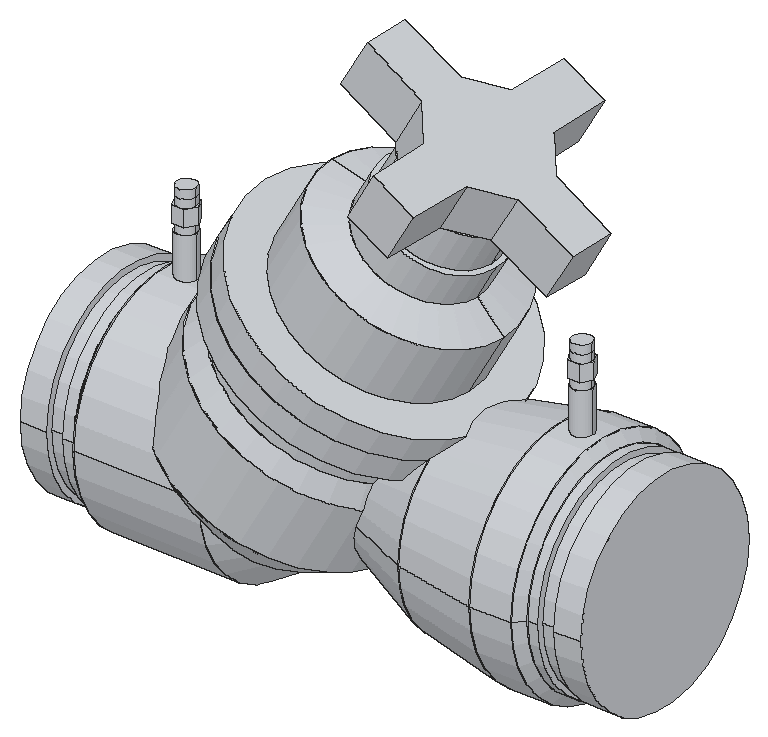
Revit family "447_d-DN250-RFA_2019", category Pipe Accessories, Revit 2019
Family settings
  Round Connector Dimension = Use Diameter
  Part Type = Valve - Breaks Into
  Work Plane-Based = No
  Always vertical = Yes
  Cut with Voids When Loaded = No
  Shared = No
Parameters (values of type "447_d-DN250")
  magiProductId = "7d63ae0d28f64990bc8ce3477101ef"
  magiProductFamilyId = "eab8c084d85f47fc9aed3208e9defb"
  magiPartTypeId = 304
  isMeasuringValve [instance] = no
  ang2D [instance] = 0.00°
  W3 = 31.658 mm
  W2D = 100 mm
  W2 = 71.601 mm
  W1 = 30.372 mm
  VersionID = "2.0/2018.4.11.4/ZETKAMA_447_GROOVED_001"
  Use Minimum Symbol Size [instance] = yes
  URL = "www.hydronix.cz"
  Type Comments = "drážkový spoj; PN16; -10~+120°C;"
  R9 = 177.45 mm
  R8 = 75.075 mm
  R7 = 81.9 mm
  R6 = 163.8 mm
  R5 = 155 mm
  R4 = 75.075 mm
  R3 = 150.15 mm
  R2 = 129.675 mm
  R13 = 15.657 mm
  R12 = 12.254 mm
  R11 = 13.615 mm
  R1 = 136.5 mm
  R = 125 mm
  QmdConnectorList = "301;D;302;D"
  Productdata [instance] = ""
  Model = ""
  Manufacturer = "Hydronix"
  Maintenance Zone Under Depth [instance] = 137 mm
  Maintenance Zone Right Depth [instance] = 730 mm
  Maintenance Zone Over Depth [instance] = 525 mm
  Maintenance Zone Left Depth [instance] = 730 mm
  Maintenance Zone Front Depth [instance] = 310 mm
  Maintenance Zone Back Depth [instance] = 310 mm
  Maintenance Zone Front Visibility [instance] = no
  MC Product Code = "447 250 d (DN250; PN16 kvs1187,5)"
  MC Piping Given Pressure Drop [instance] = 0.0 Pa
  L9 = 108.921 mm
  L8__ve = -L8  # -54.46 mm
  L8 = 54.46 mm
  L6 = 163.381 mm
  L5 = 10.429 mm
  L4__ve = -L4  # -13.905 mm
  L4 = 13.905 mm
  L3__ve = -L3  # -20.857 mm
  L3 = 20.857 mm
  L2__ve = -L2  # -34.762 mm
  L2D_Min = 3048 mm
  L2D = 350 mm
  L2 = 34.762 mm
  L13 = 27.23 mm
  L12 = 30.372 mm
  L11 = 31.658 mm
  L10 = 71.601 mm
  L1 = 365 mm
  KZ = 60.833 mm
  KL = 105.366 mm
  H9 = 13.779 mm
  H8 = 89.566 mm
  H7 = 34.449 mm
  H6 = 41.338 mm
  H5 = 27.559 mm
  H4 = 103.346 mm
  H17 = 21 mm
  H16 = 10.5 mm
  H15 = 202.65 mm
  H14 = 68.897 mm
  H13 = 51.673 mm
  H11 = 55.118 mm
  H10 = 48.228 mm
  Description = "Ruční vyvažovací ventil s drážkovým spojem"
  D = 250 mm
  CenSd_R13_6 = R13 * cos(30.00°)  # 13.56 mm
  Clearance Zone Height Depth [instance] = 525 mm
  Clearance Zone Circular Radius [instance] = 365 mm
  Clearance Zone Visibility [instance] = no
Types (10, lengths in mm): name | magiProductId | W3 | W2 | W1 | R9 | R8 | R7 | R6 | R5 | R4 | R3 | R2 | R13 | R12 | R11 | R1 | R | Maintenance Zone Under Depth | Maintenance Zone Right Depth | Maintenance Zone Over Depth | Maintenance Zone Left Depth | Maintenance Zone Front Depth | Maintenance Zone Back Depth | MC Product Code | L9 | L8__ve | L8 | L6 | L5 | L4__ve | L4 | L3__ve | L3 | L2__ve | L2 | L13 | L12 | L11 | L10 | L1 | KZ | KL | H9 | H8 | H7 | H6 | H5 | H4 | H17 | H16 | H15 | H14 | H13 | H11 | H10 | D | CenSd_R13_6 | Clearance Zone Height Depth | Clearance Zone Circular Radius
  447_d-DN100 | "e5a6bfdd9ca54003a0551f5d760c3c" | 14.437 | 30.026 | 12.736 | 74.1 | 31.35 | 34.2 | 68.4 | 65 | 31.35 | 62.7 | 54.15 | 7.507 | 5.875 | 6.528 | 57 | 50 | 57 | 350 | 240 | 350 | 130 | 130 | "447 100 d (DN100; PN16 kvs180,5)" | 52.222 | -26.111 | 26.111 | 78.333 | 5 | -6.667 | 6.667 | -10 | 10 | -16.667 | 16.667 | 13.056 | 12.736 | 14.437 | 30.026 | 175 | 29.167 | 50.518 | 6.389 | 41.531 | 15.973 | 19.168 | 12.779 | 47.92 | 9.6 | 4.8 | 86.7 | 31.947 | 23.96 | 25.557 | 22.363 | 100 | 6.501 | 240 | 175
  447_d-DN125 | "5795ec580370482d8c46e49d975863" | 14.437 | 30.026 | 12.736 | 91.65 | 38.775 | 42.3 | 84.6 | 65 | 38.775 | 77.55 | 66.975 | 8.579 | 6.714 | 7.46 | 70.5 | 62.5 | 71 | 400 | 260 | 400 | 130 | 130 | "447 125 d (DN125; PN16 kvs280,0)" | 59.683 | -29.841 | 29.841 | 89.524 | 5.714 | -7.619 | 7.619 | -11.429 | 11.429 | -19.048 | 19.048 | 14.921 | 12.736 | 14.437 | 30.026 | 200 | 33.333 | 57.735 | 7.005 | 45.534 | 17.513 | 21.016 | 14.01 | 52.539 | 10.4 | 5.2 | 103.55 | 35.026 | 26.269 | 28.021 | 24.518 | 125 | 7.43 | 260 | 200
  447_d-DN150 | "9b6b5ad10a674c51b522359e7e2d39" | 14.437 | 30.026 | 12.736 | 109.2 | 46.2 | 50.4 | 100.8 | 65 | 46.2 | 92.4 | 79.8 | 10.295 | 8.057 | 8.952 | 84 | 75 | 84 | 480 | 285 | 480 | 130 | 130 | "447 150 d (DN150; PN16 kvs383,4)" | 71.619 | -35.81 | 35.81 | 107.429 | 6.857 | -9.143 | 9.143 | -13.714 | 13.714 | -22.857 | 22.857 | 17.905 | 12.736 | 14.437 | 30.026 | 240 | 40 | 69.282 | 7.775 | 50.537 | 19.437 | 23.325 | 15.55 | 58.312 | 11.4 | 5.7 | 120.9 | 38.875 | 29.156 | 31.1 | 27.212 | 150 | 8.916 | 285 | 240
  447_d-DN200 | "f5a67fe5c2444fc986ed7f87b9a4ed" | 31.658 | 71.601 | 30.372 | 142.35 | 60.225 | 65.7 | 131.4 | 155 | 60.225 | 120.45 | 104.025 | 12.869 | 10.071 | 11.19 | 109.5 | 100 | 110 | 600 | 480 | 600 | 310 | 310 | "447 200 d (DN200; PN16 kvs710,0)" | 89.524 | -44.762 | 44.762 | 134.286 | 8.571 | -11.429 | 11.429 | -17.143 | 17.143 | -28.571 | 28.571 | 22.381 | 30.372 | 31.658 | 71.601 | 300 | 50 | 86.603 | 12.394 | 80.56 | 30.984 | 37.181 | 24.788 | 92.953 | 19.2 | 9.6 | 168.45 | 61.969 | 46.477 | 49.575 | 43.378 | 200 | 11.145 | 480 | 300
  447_d-DN250 | "7d63ae0d28f64990bc8ce3477101ef" | 31.658 | 71.601 | 30.372 | 177.45 | 75.075 | 81.9 | 163.8 | 155 | 75.075 | 150.15 | 129.675 | 15.657 | 12.254 | 13.615 | 136.5 | 125 | 137 | 730 | 525 | 730 | 310 | 310 | "447 250 d (DN250; PN16 kvs1187,5)" | 108.921 | -54.46 | 54.46 | 163.381 | 10.429 | -13.905 | 13.905 | -20.857 | 20.857 | -34.762 | 34.762 | 27.23 | 30.372 | 31.658 | 71.601 | 365 | 60.833 | 105.366 | 13.779 | 89.566 | 34.449 | 41.338 | 27.559 | 103.346 | 21 | 10.5 | 202.65 | 68.897 | 51.673 | 55.118 | 48.228 | 250 | 13.56 | 525 | 365
  447_d-DN300 | "0a2a34dba99a430aa7daf784d6b0c1" | 31.658 | 71.601 | 30.372 | 210.6 | 89.1 | 97.2 | 194.4 | 155 | 89.1 | 178.2 | 153.9 | 18.231 | 14.268 | 15.853 | 162 | 150 | 162 | 850 | 535 | 850 | 310 | 310 | "447 300 d (DN300; PN16 kvs1504,1)" | 126.825 | -63.413 | 63.413 | 190.238 | 12.143 | -16.19 | 16.19 | -24.286 | 24.286 | -40.476 | 40.476 | 31.706 | 30.372 | 31.658 | 71.601 | 425 | 70.833 | 122.687 | 14.087 | 91.568 | 35.218 | 42.262 | 28.175 | 105.655 | 21.4 | 10.7 | 231.7 | 70.437 | 52.828 | 56.349 | 49.306 | 300 | 15.789 | 535 | 425
  447_d-DN040 | "6dc4a6b5eb924103b02307904d600f" | 9.08 | 17.092 | 7.25 | 31.2 | 13.2 | 14.4 | 28.8 | 37 | 13.2 | 26.4 | 22.8 | 4.29 | 3.357 | 3.73 | 24 | 20 | 24 | 200 | 130 | 200 | 74 | 74 | "447 040 d (DN40; PN16 kvs22,36)" | 29.841 | -14.921 | 14.921 | 44.762 | 2.857 | -3.81 | 3.81 | -5.714 | 5.714 | -9.524 | 9.524 | 7.46 | 7.25 | 9.08 | 17.092 | 100 | 16.667 | 28.868 | 3.433 | 22.317 | 8.583 | 10.3 | 6.867 | 25.75 | 5.2 | 2.6 | 39.4 | 17.167 | 12.875 | 13.733 | 12.017 | 40 | 3.715 | 130 | 100
  447_d-DN050 | "b59a3d0ad4654cda90cee0c397c848" | 9.08 | 17.092 | 7.25 | 39 | 16.5 | 18 | 36 | 37 | 16.5 | 33 | 28.5 | 4.933 | 3.861 | 4.29 | 30 | 25 | 30 | 230 | 130 | 230 | 130 | 130 | "447 050 d (DN50; PN16 kvs32,15)" | 34.317 | -17.159 | 17.159 | 51.476 | 3.286 | -4.381 | 4.381 | -6.571 | 6.571 | -10.952 | 10.952 | 8.579 | 7.25 | 9.08 | 17.092 | 115 | 19.167 | 33.198 | 3.433 | 22.317 | 8.583 | 10.3 | 6.867 | 25.75 | 5.2 | 2.6 | 46 | 17.167 | 12.875 | 13.733 | 12.017 | 50 | 4.272 | 130 | 115
  447_d-DN065 | "356db372cd37496c9ff0d3ad255dc6" | 14.437 | 30.026 | 12.736 | 49.4 | 20.9 | 22.8 | 45.6 | 65 | 20.9 | 41.8 | 36.1 | 6.22 | 4.868 | 5.409 | 38 | 32.5 | 38 | 290 | 220 | 290 | 130 | 130 | "447 065 d (DN65; PN16 kvs83,3)" | 43.27 | -21.635 | 21.635 | 64.905 | 4.143 | -5.524 | 5.524 | -8.286 | 8.286 | -13.81 | 13.81 | 10.817 | 12.736 | 14.437 | 30.026 | 145 | 24.167 | 41.858 | 5.774 | 37.528 | 14.434 | 17.321 | 11.547 | 43.301 | 8.8 | 4.4 | 63.8 | 28.868 | 21.651 | 23.094 | 20.207 | 65 | 5.387 | 220 | 145
  447_d-DN080 | "f43aa02b4841429783243073d22ea7" | 14.437 | 30.026 | 12.736 | 57.85 | 24.475 | 26.7 | 53.4 | 65 | 24.475 | 48.95 | 42.275 | 6.649 | 5.204 | 5.782 | 44.5 | 40 | 45 | 310 | 220 | 310 | 130 | 130 | "447 080 d (DN80; PN16 kvs104,3)" | 46.254 | -23.127 | 23.127 | 69.381 | 4.429 | -5.905 | 5.905 | -8.857 | 8.857 | -14.762 | 14.762 | 11.563 | 12.736 | 14.437 | 30.026 | 155 | 25.833 | 44.745 | 5.774 | 37.528 | 14.434 | 17.321 | 11.547 | 43.301 | 8.8 | 4.4 | 70.95 | 28.868 | 21.651 | 23.094 | 20.207 | 80 | 5.758 | 220 | 155
Reference planes
  plane 1 "Center (Front/Back)": y = 0
  plane 2 "XYPLANE": z = 0
  plane 3 "Center (Left/Right)": x = 0
  plane 4 "159": y = 310
  plane 5 "158": y = -310
  plane 6 "157": z = -137
  plane 7 "156": z = 525
  plane 8 "155": x = -730
  plane 9 "154": x = 730
  plane 10 "132": z = 244.65
  plane 11 "125": z = 234.15
  plane 12 "120": z = 213.15
  plane 13 "119": z = 202.65
  plane 14 "112": x = 257.817
  plane 15 "111": x = -257.817
  plane 16 "109": y = -31.658
  plane 17 "108": y = 31.658
  plane 18 "105": through (310.053, 0, 687.016) normal (0.866, 0, -0.5)
  plane 19 "104": through (257.447, 0, 717.388) normal (0.866, 0, -0.5)
  plane 20 "103": y = -71.601
  plane 21 "102": y = -30.372
  plane 22 "101": y = 71.601
  plane 23 "100": y = 30.372
  plane 24 "99": through (256.333, 0, 718.031) normal (0.866, 0, -0.5)
  plane 25 "98": through (221.742, 0, 738.003) normal (0.866, 0, -0.5)
  plane 26 "97": through (311.167, 0, 686.373) normal (0.866, 0, -0.5)
  plane 27 "96": through (345.758, 0, 666.402) normal (0.866, 0, -0.5)
  plane 28 "95": y = -155
  plane 29 "94": y = 155
  plane 30 "93": through (417.984, 0, 624.702) normal (0.866, 0, -0.5)
  plane 31 "92": through (149.516, 0, 779.702) normal (0.866, 0, -0.5)
  plane 32 "88": x = 121.667
  plane 33 "87": x = 230.587
  plane 34 "81": through (-456.02, 0, 710.15) normal (0.5, 0, 0.866)
  plane 35 "80": through (-483.579, 0, 662.417) normal (0.5, 0, 0.866)
  plane 36 "75": through (-507.693, 0, 620.65) normal (0.5, 0, 0.866)
  plane 37 "72": through (-514.583, 0, 608.717) normal (0.5, 0, 0.866)
  plane 38 "68": through (-559.366, 0, 531.15) normal (0.5, 0, 0.866)
  plane 39 "67": through (-576.59, 0, 501.317) normal (0.5, 0, 0.866)
  plane 40 "62": through (-705.772, 0, 277.567) normal (0.5, 0, 0.866)
  plane 41 "61": through (-593.814, 0, 471.483) normal (0.5, 0, 0.866)
  plane 42 "58": through (-614.483, 0, 435.683) normal (0.5, 0, 0.866)
  plane 43 "56": through (-628.263, 0, 411.817) normal (0.5, 0, 0.866)
  plane 44 "51": y = 0
  plane 45 "49": through (283.75, 0, 702.202) normal (0.866, 0, -0.5)
  plane 46 "48": through (-679.936, 0, 322.317) normal (0.5, 0, 0.866)
  plane 47 "30": x = 285.048
  plane 48 "29": x = 295.476
  plane 49 "28": x = 309.381
  plane 50 "27": x = 330.238
  plane 51 "14": x = -121.667
  plane 52 "13": x = -285.048
  plane 53 "12": x = -295.476
  plane 54 "11": x = -309.381
  plane 55 "10": x = -330.238
  plane 56 "8": x = -365
  plane 57 "7": x = 365
  plane 58 "6": y = 0
  plane 59 "5": x = 0
  plane 60 "4": z = 0
  plane 61 "45XY": through (-649.519, 0, 375) normal (0.5, 0, 0.866)
  plane 62 "45XZ": y = 0
  plane 63 "45YZ": through (375, 0, 649.519) normal (0.866, 0, -0.5)
Forms (mm)
  Blend 1, solid, visible <- "Maintenance Zone Front Visibility"
    base sketch origin (-750, 0, -137) x (1, 0, 0) y (0, 1, 0)
      loop
        line (20, 310) -> (20, -310) -> (1480, -310) -> (1480, 310) -> (20, 310)
    top sketch origin (-750, 0, -137) x (1, 0, 0) y (0, 1, 0)
      loop
        line (20, 310) -> (20, -310) -> (1480, -310) -> (1480, 310) -> (20, 310)
    from 0 to 662
  Extrusion 2, solid, visible <- "Clearance Zone Visibility"
    sketch origin (-750, 0, 0) x (1, 0, 0) y (0, 1, 0)
      loop
        circle (750, 0) r 365
    from 0 to 525 <- "Clearance Zone Height Depth"
  Extrusion 3, solid
    sketch origin (-750, 0, 244.65) x (1, 0, 0) y (0, 1, 0)
      loop
        circle (1007.817, 0) r 12.254
    from 0 to 10.5 <- "H16"
  Extrusion 4, solid
    sketch origin (-750, 0, 234.15) x (1, 0, 0) y (0, 1, 0)
      loop
        circle (1007.817, 0) r 12.254
    from 0 to 10.5 <- "H16"
  Extrusion 5, solid
    sketch origin (-750, 0, 244.65) x (1, 0, 0) y (0, 1, 0)
      loop
        circle (492.183, 0) r 12.254
    from 0 to 10.5 <- "H16"
  Extrusion 6, solid
    sketch origin (-750, 0, 234.15) x (1, 0, 0) y (0, 1, 0)
      loop
        circle (492.183, 0) r 12.254
    from 0 to 10.5 <- "H16"
  Extrusion 7, solid
    sketch origin (-750, 0, 213.15) x (1, 0, 0) y (0, 1, 0)
      loop
        line (1023.475, 0) -> (1015.646, 13.56) -> (999.989, 13.56) -> (992.16, 0) -> (999.989, -13.56) -> (1015.646, -13.56) -> (1023.475, 0)
    from 0 to 21 <- "H17"
  Extrusion 8, solid
    sketch origin (-750, 0, 213.15) x (1, 0, 0) y (0, 1, 0)
      loop
        line (507.84, 0) -> (500.011, 13.56) -> (484.354, 13.56) -> (476.525, 0) -> (484.354, -13.56) -> (500.011, -13.56) -> (507.84, 0)
    from 0 to 21 <- "H17"
  Extrusion 9, solid
    sketch origin (-750, 0, 202.65) x (1, 0, 0) y (0, 1, 0)
      loop
        circle (1007.817, 0) r 12.254
    from 0 to 10.5 <- "H16"
  Extrusion 10, solid
    sketch origin (-750, 0, 202.65) x (1, 0, 0) y (0, 1, 0)
      loop
        circle (492.183, 0) r 12.254
    from 0 to 10.5 <- "H16"
  Extrusion 11, solid
    sketch origin (-750, 0, 0) x (1, 0, 0) y (0, 1, 0)
      loop
        circle (1007.817, 0) r 13.615
    from 0 to 202.65 <- "H15"
  Extrusion 12, solid
    sketch origin (-750, 0, 0) x (1, 0, 0) y (0, 1, 0)
      loop
        circle (492.183, 0) r 13.615
    from 0 to 202.65 <- "H15"
  Extrusion 13, solid
    sketch origin (-456.02, 0, 710.15) x (0.866025, 0, -0.5) y (0, 1, 0)
      loop
        line (489.634, 30.372) -> (489.634, -30.372) -> (573.033, -31.658) -> (612.976, -71.601) -> (614.262, -155) -> (675.005, -155) -> (676.292, -71.601) -> (716.234, -31.658) -> (799.634, -30.372) -> (799.634, 30.372) -> (716.234, 31.658) -> (676.292, 71.601) -> (675.005, 155) -> (614.262, 155) -> (612.976, 71.601) -> (573.033, 31.658) -> (489.634, 30.372)
    from 0 to 68.897 <- "H14"
  Blend 14, solid
    base sketch origin (230.587, -750, 0) x (0, 1, 0) y (0, 0, 1)
      loop
        circle (750, 0) r 150.15
    top sketch origin (230.587, -750, 0) x (0, 1, 0) y (0, 0, 1)
      loop
        circle (750, 0) r 129.675
    from 0 to -108.921
  Extrusion 15, solid
    sketch origin (-576.59, 0, 501.317) x (0.866025, 0, -0.5) y (0, 1, 0)
      loop
        circle (644.634, 0) r 177.45
    from 0 to 34.449 <- "H7"
  Extrusion 16, solid
    sketch origin (-593.814, 0, 471.483) x (0.866025, 0, -0.5) y (0, 1, 0)
      loop
        circle (644.634, 0) r 177.45
    from 0 to 34.449 <- "H7"
  Extrusion 17, solid
    sketch origin (-483.579, 0, 662.417) x (0.866025, 0, -0.5) y (0, 1, 0)
      loop
        circle (644.634, 0) r 75.075
    from 0 to 55.118 <- "H11"
  Blend 18, solid
    base sketch origin (-514.583, 0, 608.717) x (0.866025, 0, -0.5) y (0, 1, 0)
      loop
        circle (644.634, 0) r 129.675
    top sketch origin (-514.583, 0, 608.717) x (0.866025, 0, -0.5) y (0, 1, 0)
      loop
        circle (644.634, 0) r 81.9
    from 0 to 13.779
  Extrusion 19, solid
    sketch origin (-559.366, 0, 531.15) x (0.866025, 0, -0.5) y (0, 1, 0)
      loop
        circle (644.634, 0) r 129.675
    from 0 to 89.566 <- "H8"
  Extrusion 20, solid
    sketch origin (-507.693, 0, 620.65) x (0.866025, 0, -0.5) y (0, 1, 0)
      loop
        circle (644.634, 0) r 81.9
    from 0 to 48.228 <- "H10"
  Blend 21, solid
    base sketch origin (-679.936, 0, 322.317) x (0.866025, 0, -0.5) y (0, 1, 0)
      loop
        circle (644.634, 0) r 163.8
    top sketch origin (-679.936, 0, 322.317) x (0.866025, 0, -0.5) y (0, 1, 0)
      loop
        circle (644.634, 0) r 125
    from 0 to -51.673
  Extrusion 22, solid
    sketch origin (-614.483, 0, 435.683) x (0.866025, 0, -0.5) y (0, 1, 0)
      loop
        circle (644.634, 0) r 150.15
    from 0 to 41.338 <- "H6"
  Blend 23, solid
    base sketch origin (-628.263, 0, 411.817) x (0.866025, 0, -0.5) y (0, 1, 0)
      loop
        circle (644.634, 0) r 163.8
    top sketch origin (-628.263, 0, 411.817) x (0.866025, 0, -0.5) y (0, 1, 0)
      loop
        circle (644.634, 0) r 150.15
    from 0 to 27.559
  Extrusion 24, solid
    sketch origin (-679.936, 0, 322.317) x (0.866025, 0, -0.5) y (0, 1, 0)
      loop
        circle (644.634, 0) r 163.8
    from 0 to 103.346 <- "H4"
  Extrusion 25, solid
    sketch origin (365, -750, 0) x (0, 1, 0) y (0, 0, 1)
      loop
        circle (750, 0) r 136.5
    from 0 to -34.762 <- "L2__ve"
  Extrusion 26, solid
    sketch origin (330.238, -750, 0) x (0, 1, 0) y (0, 0, 1)
      loop
        circle (750, 0) r 129.675
    from 0 to -20.857 <- "L3__ve"
  Extrusion 27, solid
    sketch origin (309.381, -750, 0) x (0, 1, 0) y (0, 0, 1)
      loop
        circle (750, 0) r 136.5
    from 0 to -13.905 <- "L4__ve"
  Blend 28, solid
    base sketch origin (295.476, -750, 0) x (0, 1, 0) y (0, 0, 1)
      loop
        circle (750, 0) r 136.5
    top sketch origin (295.476, -750, 0) x (0, 1, 0) y (0, 0, 1)
      loop
        circle (750, 0) r 150.15
    from 0 to -10.429
  Extrusion 29, solid
    sketch origin (285.048, -750, 0) x (0, 1, 0) y (0, 0, 1)
      loop
        circle (750, 0) r 150.15
    from 0 to -54.46 <- "L8__ve"
  Blend 30, solid
    base sketch origin (121.667, -750, 0) x (0, 1, 0) y (0, 0, 1)
      loop
        circle (750, 0) r 129.675
    top sketch origin (121.667, -750, 0) x (0, 1, 0) y (0, 0, 1)
      loop
        circle (750, 0) r 75.075
    from 0 to -121.667
  Blend 31, solid
    base sketch origin (-121.667, -750, 0) x (0, 1, 0) y (0, 0, 1)
      loop
        circle (750, 0) r 150.15
    top sketch origin (-121.667, -750, 0) x (0, 1, 0) y (0, 0, 1)
      loop
        circle (750, 0) r 75.075
    from 0 to 121.667
  Extrusion 32, solid
    sketch origin (-285.048, -750, 0) x (0, 1, 0) y (0, 0, 1)
      loop
        circle (750, 0) r 150.15
    from 0 to 163.381 <- "L6"
  Blend 33, solid
    base sketch origin (-295.476, -750, 0) x (0, 1, 0) y (0, 0, 1)
      loop
        circle (750, 0) r 136.5
    top sketch origin (-295.476, -750, 0) x (0, 1, 0) y (0, 0, 1)
      loop
        circle (750, 0) r 150.15
    from 0 to 10.429
  Extrusion 34, solid
    sketch origin (-309.381, -750, 0) x (0, 1, 0) y (0, 0, 1)
      loop
        circle (750, 0) r 136.5
    from 0 to 13.905 <- "L4"
  Extrusion 35, solid
    sketch origin (-330.238, -750, 0) x (0, 1, 0) y (0, 0, 1)
      loop
        circle (750, 0) r 129.675
    from 0 to 20.857 <- "L3"
  Extrusion 36, solid
    sketch origin (-365, -750, 0) x (0, 1, 0) y (0, 0, 1)
      loop
        circle (750, 0) r 136.5
    from 0 to 34.762 <- "L2"
  Extrusion 37, solid, not visible
    sketch origin (-365, -750, 0) x (0, 1, 0) y (0, 0, 1)
      loop
        circle (750, 0) r 27.635
    from 0 to 10
  Extrusion 38, solid, not visible
    sketch origin (365, -750, 0) x (0, 1, 0) y (0, 0, 1)
      loop
        circle (750, 0) r 27.635
    from 0 to -10
Lines and regions (mm)
  reference lines, not visible
    curve 1: circle (2, 2, 0) r 1 normal (0, 0, 1)
  reference lines
    curve 2: line (257.817, 0, 213.15) -> (255.941, 3.251, 213.15)
    curve 3: line (257.817, 0, 213.15) -> (254.064, 0, 213.15)
    curve 4: line (257.817, 0, 213.15) -> (255.941, -3.251, 213.15)
    curve 5: line (-257.817, 0, 213.15) -> (-259.694, 3.251, 213.15)
    curve 6: line (-257.817, 0, 213.15) -> (-261.571, 0, 213.15)
    curve 7: line (-257.817, 0, 213.15) -> (-259.694, -3.251, 213.15)
Dimensions and locks
  plane 1 "Center (Front/Back)" to curve 1 = 2 mm
  "Maintenance Zone Back Depth": plane 1 "Center (Front/Back)" to plane 4 "159"
  "Maintenance Zone Front Depth": plane 1 "Center (Front/Back)" to plane 5 "158"
  "Maintenance Zone Under Depth": plane 2 "XYPLANE" to plane 6 "157"
  "Maintenance Zone Over Depth": plane 2 "XYPLANE" to plane 7 "156"
  "Maintenance Zone Left Depth": plane 3 "Center (Left/Right)" to plane 8 "155"
  "Maintenance Zone Right Depth": plane 3 "Center (Left/Right)" to plane 9 "154"
  "H16": plane 11 "125" to plane 10 "132"
  "H17": plane 12 "120" to plane 11 "125"
  "H16": plane 13 "119" to plane 12 "120"
  "H15": plane 2 "XYPLANE" to plane 13 "119"
  "L13": plane 47 "30" to plane 14 "112"
  "L13": plane 52 "13" to plane 15 "111"
  "W3": plane 44 "51" to plane 16 "109"
  "W3": plane 44 "51" to plane 17 "108"
  "L12": plane 45 "49" to plane 18 "105"
  "L12": plane 45 "49" to plane 19 "104"
  "W2": plane 58 "6" to plane 20 "103"
  "W1": plane 58 "6" to plane 21 "102"
  "W2": plane 58 "6" to plane 22 "101"
  "W1": plane 58 "6" to plane 23 "100"
  "L11": plane 45 "49" to plane 24 "99"
  "L10": plane 45 "49" to plane 25 "98"
  "L11": plane 45 "49" to plane 26 "97"
  "L10": plane 45 "49" to plane 27 "96"
  "R5": plane 58 "6" to plane 28 "95"
  "R5": plane 58 "6" to plane 29 "94"
  "R5": plane 45 "49" to plane 30 "93"
  "R5": plane 45 "49" to plane 31 "92"
  "L9": plane 33 "87" to plane 32 "88"
  "L8": plane 47 "30" to plane 33 "87"
  "H11": plane 35 "80" to plane 34 "81"
  "H10": plane 36 "75" to plane 35 "80"
  "H9": plane 37 "72" to plane 36 "75"
  "H8": plane 38 "68" to plane 37 "72"
  "H7": plane 39 "67" to plane 38 "68"
  "H7": plane 41 "61" to plane 39 "67"
  "H13": plane 46 "48" to plane 40 "62"
  "H6": plane 42 "58" to plane 41 "61"
  "H5": plane 43 "56" to plane 42 "58"
  "H4": plane 46 "48" to plane 43 "56"
  locked: plane 58 "6" to plane 44 "51"
  "KL": plane 63 "45YZ" to plane 45 "49"
  "KZ": plane 61 "45XY" to plane 46 "48"
  "L5": plane 48 "29" to plane 47 "30"
  "L4": plane 49 "28" to plane 48 "29"
  "L3": plane 50 "27" to plane 49 "28"
  "L2": plane 57 "7" to plane 50 "27"
  "L6": plane 52 "13" to plane 51 "14"
  "L5": plane 53 "12" to plane 52 "13"
  "L4": plane 54 "11" to plane 53 "12"
  "L3": plane 55 "10" to plane 54 "11"
  "L2": plane 56 "8" to plane 55 "10"
  "L1": plane 3 "Center (Left/Right)" to plane 56 "8"
  "L1": plane 3 "Center (Left/Right)" to plane 57 "7"
  locked: plane 1 "Center (Front/Back)" to plane 58 "6"
  locked: plane 3 "Center (Left/Right)" to plane 59 "5"
  locked: plane 2 "XYPLANE" to plane 60 "4"
  Blend 1 sketch curve to Blend 1 sketch curve = 0 mm  (x16)
  "CenSd_R13_6": curve 2 to Extrusion 7 sketch curve  (x2)
  "CenSd_R13_6": curve 3 to Extrusion 7 sketch curve  (x2)
  "CenSd_R13_6": curve 4 to Extrusion 7 sketch curve  (x2)
  Extrusion 7 sketch curve to Extrusion 7 sketch curve = 0 mm  (x12)
  "CenSd_R13_6": curve 5 to Extrusion 8 sketch curve  (x2)
  "CenSd_R13_6": curve 6 to Extrusion 8 sketch curve  (x2)
  "CenSd_R13_6": curve 7 to Extrusion 8 sketch curve  (x2)
  Extrusion 8 sketch curve to Extrusion 8 sketch curve = 0 mm  (x12)
  Extrusion 13 sketch curve to Extrusion 13 sketch curve = 0 mm  (x32)
  "Clearance Zone Circular Radius": radius of Extrusion 2 sketch curve
  "R12": radius of Extrusion 3 sketch curve
  "R12": radius of Extrusion 4 sketch curve
  "R12": radius of Extrusion 5 sketch curve
  "R12": radius of Extrusion 6 sketch curve
  "R12": radius of Extrusion 9 sketch curve
  "R12": radius of Extrusion 10 sketch curve
  "R11": radius of Extrusion 11 sketch curve
  "R11": radius of Extrusion 12 sketch curve
  "R2": radius of Blend 14 sketch curve
  "R3": radius of Blend 14 sketch curve
  "R9": radius of Extrusion 15 sketch curve
  "R9": radius of Extrusion 16 sketch curve
  "R8": radius of Extrusion 17 sketch curve
  "R7": radius of Blend 18 sketch curve
  "R2": radius of Blend 18 sketch curve
  "R2": radius of Extrusion 19 sketch curve
  "R7": radius of Extrusion 20 sketch curve
  "R": radius of Blend 21 sketch curve
  "R6": radius of Blend 21 sketch curve
  "R3": radius of Extrusion 22 sketch curve
  "R3": radius of Blend 23 sketch curve
  "R6": radius of Blend 23 sketch curve
  "R6": radius of Extrusion 24 sketch curve
  "R1": radius of Extrusion 25 sketch curve
  "R2": radius of Extrusion 26 sketch curve
  "R1": radius of Extrusion 27 sketch curve
  "R3": radius of Blend 28 sketch curve
  "R1": radius of Blend 28 sketch curve
  "R3": radius of Extrusion 29 sketch curve
  "R4": radius of Blend 30 sketch curve
  "R2": radius of Blend 30 sketch curve
  "R4": radius of Blend 31 sketch curve
  "R3": radius of Blend 31 sketch curve
  "R3": radius of Extrusion 32 sketch curve
  "R3": radius of Blend 33 sketch curve
  "R1": radius of Blend 33 sketch curve
  "R1": radius of Extrusion 34 sketch curve
  "R2": radius of Extrusion 35 sketch curve
  "R1": radius of Extrusion 36 sketch curve
  locked: curve 3 to curve 2 (angle 60.00°)
  locked: curve 4 to curve 3 (angle 60.00°)
  locked: curve 4 to curve 2 (angle 120.00°)
  locked: curve 6 to curve 5 (angle 60.00°)
  locked: curve 7 to curve 6 (angle 60.00°)
  locked: curve 7 to curve 5 (angle 120.00°)
  aligned and locked: level to plane 2 "XYPLANE"
  aligned and locked: Blend 1 sketch curve to plane 8 "155"  (x2)
  aligned and locked: plane 4 "159" to Blend 1 sketch curve  (x4)
  aligned and locked: plane 5 "158" to Blend 1 sketch curve  (x4)
  aligned and locked: plane 8 "155" to Blend 1 sketch curve  (x2)
  aligned and locked: plane 9 "154" to Blend 1 sketch curve  (x4)
  aligned and locked: plane 7 "156" to Blend 1
  aligned and locked: plane 58 "6" to Extrusion 2 sketch curve
  aligned and locked: plane 59 "5" to Extrusion 2 sketch curve
  aligned and locked: plane 14 "112" to Extrusion 3 sketch curve
  aligned and locked: plane 58 "6" to Extrusion 3 sketch curve
  aligned and locked: plane 14 "112" to Extrusion 4 sketch curve
  aligned and locked: plane 58 "6" to Extrusion 4 sketch curve
  aligned and locked: plane 15 "111" to Extrusion 5 sketch curve
  aligned and locked: plane 58 "6" to Extrusion 5 sketch curve
  aligned and locked: plane 15 "111" to Extrusion 6 sketch curve
  aligned and locked: plane 58 "6" to Extrusion 6 sketch curve
  aligned and locked: plane 14 "112" to curve 4
  aligned and locked: plane 58 "6" to curve 4
  aligned and locked: plane 15 "111" to curve 6
  aligned and locked: plane 58 "6" to curve 6
  aligned and locked: plane 14 "112" to Extrusion 9 sketch curve
  aligned and locked: plane 58 "6" to Extrusion 9 sketch curve
  aligned and locked: plane 15 "111" to Extrusion 10 sketch curve
  aligned and locked: plane 58 "6" to Extrusion 10 sketch curve
  aligned and locked: plane 14 "112" to Extrusion 11 sketch curve
  aligned and locked: plane 58 "6" to Extrusion 11 sketch curve
  aligned and locked: plane 15 "111" to Extrusion 12 sketch curve
  aligned and locked: plane 58 "6" to Extrusion 12 sketch curve
  aligned and locked: Extrusion 13 sketch curve to plane 31 "92"  (x2)
  aligned and locked: plane 23 "100" to Extrusion 13 sketch curve  (x2)
  aligned and locked: plane 21 "102" to Extrusion 13 sketch curve  (x2)
  aligned and locked: plane 16 "109" to Extrusion 13 sketch curve  (x2)
  aligned and locked: Extrusion 13 sketch curve to plane 25 "98"
  aligned and locked: plane 20 "103" to Extrusion 13 sketch curve  (x2)
  aligned and locked: Extrusion 13 sketch curve to plane 24 "99"
  aligned and locked: plane 28 "95" to Extrusion 13 sketch curve  (x2)
  aligned and locked: Extrusion 13 sketch curve to plane 19 "104"
  aligned and locked: Extrusion 13 sketch curve to plane 18 "105"
  aligned and locked: Extrusion 13 sketch curve to plane 26 "97"
  aligned and locked: Extrusion 13 sketch curve to plane 27 "96"
  aligned and locked: Extrusion 13 sketch curve to plane 30 "93"
  aligned and locked: plane 30 "93" to Extrusion 13 sketch curve
  aligned and locked: plane 17 "108" to Extrusion 13 sketch curve  (x2)
  aligned and locked: plane 27 "96" to Extrusion 13 sketch curve
  aligned and locked: plane 22 "101" to Extrusion 13 sketch curve  (x2)
  aligned and locked: plane 26 "97" to Extrusion 13 sketch curve
  aligned and locked: plane 18 "105" to Extrusion 13 sketch curve
  aligned and locked: plane 29 "94" to Extrusion 13 sketch curve  (x2)
  aligned and locked: plane 19 "104" to Extrusion 13 sketch curve
  aligned and locked: plane 24 "99" to Extrusion 13 sketch curve
  aligned and locked: plane 25 "98" to Extrusion 13 sketch curve
  aligned and locked: Blend 14 sketch curve to plane 58 "6"  (x2)
  aligned and locked: plane 60 "4" to Blend 14 sketch curve  (x2)
  aligned and locked: Blend 14 to plane 32 "88"
  aligned and locked: plane 44 "51" to Extrusion 15 sketch curve
  aligned and locked: Extrusion 15 sketch curve to plane 45 "49"
  aligned and locked: plane 44 "51" to Extrusion 16 sketch curve
  aligned and locked: Extrusion 16 sketch curve to plane 45 "49"
  aligned and locked: plane 44 "51" to Extrusion 17 sketch curve
  aligned and locked: Extrusion 17 sketch curve to plane 45 "49"
  aligned and locked: plane 44 "51" to Blend 18 sketch curve  (x2)
  aligned and locked: Blend 18 sketch curve to plane 45 "49"  (x2)
  aligned and locked: plane 36 "75" to Blend 18
  aligned and locked: plane 44 "51" to Extrusion 19 sketch curve
  aligned and locked: Extrusion 19 sketch curve to plane 45 "49"
  aligned and locked: plane 44 "51" to Extrusion 20 sketch curve
  aligned and locked: Extrusion 20 sketch curve to plane 45 "49"
  aligned and locked: plane 44 "51" to Blend 21 sketch curve  (x2)
  aligned and locked: Blend 21 sketch curve to plane 45 "49"  (x2)
  aligned and locked: Blend 21 to plane 40 "62"
  aligned and locked: plane 44 "51" to Extrusion 22 sketch curve
  aligned and locked: Extrusion 22 sketch curve to plane 45 "49"
  aligned and locked: plane 44 "51" to Blend 23 sketch curve  (x2)
  aligned and locked: Blend 23 sketch curve to plane 45 "49"  (x2)
  aligned and locked: plane 42 "58" to Blend 23
  aligned and locked: plane 44 "51" to Extrusion 24 sketch curve
  aligned and locked: Extrusion 24 sketch curve to plane 45 "49"
  aligned and locked: Extrusion 25 sketch curve to plane 58 "6"
  aligned and locked: plane 60 "4" to Extrusion 25 sketch curve
  aligned and locked: Extrusion 26 sketch curve to plane 58 "6"
  aligned and locked: plane 60 "4" to Extrusion 26 sketch curve
  aligned and locked: Extrusion 27 sketch curve to plane 58 "6"
  aligned and locked: plane 60 "4" to Extrusion 27 sketch curve
  aligned and locked: Blend 28 sketch curve to plane 58 "6"  (x2)
  aligned and locked: plane 60 "4" to Blend 28 sketch curve  (x2)
  aligned and locked: Blend 28 to plane 47 "30"
  aligned and locked: Extrusion 29 sketch curve to plane 58 "6"
  aligned and locked: plane 60 "4" to Extrusion 29 sketch curve
  aligned and locked: Blend 30 sketch curve to plane 58 "6"  (x2)
  aligned and locked: plane 60 "4" to Blend 30 sketch curve  (x2)
  aligned and locked: Blend 30 to plane 59 "5"
  aligned and locked: Blend 31 sketch curve to plane 58 "6"  (x2)
  aligned and locked: plane 60 "4" to Blend 31 sketch curve  (x2)
  aligned and locked: plane 59 "5" to Blend 31
  aligned and locked: Extrusion 32 sketch curve to plane 58 "6"
  aligned and locked: plane 60 "4" to Extrusion 32 sketch curve
  aligned and locked: Blend 33 sketch curve to plane 58 "6"  (x2)
  aligned and locked: plane 60 "4" to Blend 33 sketch curve  (x2)
  aligned and locked: plane 52 "13" to Blend 33
  aligned and locked: Extrusion 34 sketch curve to plane 58 "6"
  aligned and locked: plane 60 "4" to Extrusion 34 sketch curve
  aligned and locked: Extrusion 35 sketch curve to plane 58 "6"
  aligned and locked: plane 60 "4" to Extrusion 35 sketch curve
  aligned and locked: Extrusion 36 sketch curve to plane 58 "6"
  aligned and locked: plane 60 "4" to Extrusion 36 sketch curve
  aligned and locked: Extrusion 37 sketch curve to plane 58 "6"
  aligned and locked: plane 60 "4" to Extrusion 37 sketch curve
  aligned and locked: Extrusion 38 sketch curve to plane 58 "6"
  aligned and locked: plane 60 "4" to Extrusion 38 sketch curve
Automatic sketch dimensions
  plane 21 "102" to Extrusion 37 sketch curve = 2.736 mm
  plane 21 "102" to Extrusion 38 sketch curve = 2.736 mm
  plane 3 "Center (Left/Right)" to curve 1 = 2 mm
  radius of curve 1 = 1 mm
Connectors
  piping at (-365, 0, 0), diameter 250, driven by "D"
    settings: on Extrusion 37, index 1, connector inside diameter 609.6 mm, connector length 0 mm, flow factor 0, pipe flow 0.0 L/s, pressure drop 0.0 Pa, fitting loss kfactor 0, connector angle 0.00°, fixture units 0, engagement length 0 mm, angle of deflection 0.00°, flow configuration 0, flow direction 0, fitting loss method 0, system type 29, joint type 0, gender type 0, connector reference index 2, connector utility 0, adjustable connector no, is connector primary yes, connector description ""
  piping at (365, 0, 0), diameter 250, driven by "D"
    settings: on Extrusion 38, index 2, connector inside diameter 609.6 mm, connector length 0 mm, flow factor 0, pipe flow 0.0 L/s, pressure drop 0.0 Pa, fitting loss kfactor 0, connector angle 0.00°, fixture units 0, engagement length 0 mm, angle of deflection 0.00°, flow configuration 0, flow direction 0, fitting loss method 0, system type 29, joint type 0, gender type 0, connector reference index 1, connector utility 0, adjustable connector no, is connector primary no, connector description ""
